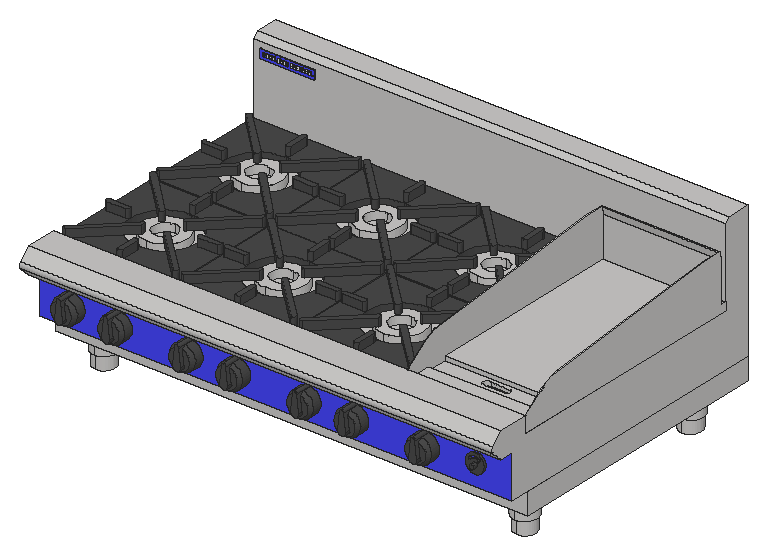
Revit family "QF_MOFFAT_BLUESEAL_CE_G518C-B", category Specialty Equipment, Revit 2012 (continued)
Definition of nested family "GAS BURNER 900 & GRIDDLE 300"
  Definition of nested family "GAS BURNER 900"
    Forms (mm)
      Extrusion 5, solid, material "QF_Finishes_Black"
        sketch origin (600, 0, 19.5) x (0, -1, 0) y (1, 0, 0)
          loop
            spline (335.153, -6.102) -> (333.924, -5.181) -> (332.47, -4.631) -> (330.89, -4.49) -> (329.292, -4.767) -> (327.786, -5.443) -> (326.473, -6.473) -> (325.443, -7.786) -> (324.767, -9.292) -> (324.49, -10.89) -> (324.631, -12.47) -> (325.181, -13.924) -> (326.102, -15.153)
          loop
            line (328.898, -156.4) -> (378.102, -156.4)
            spline (378.102, -156.4) -> (379.396, -156.182) -> (380.602, -155.543) -> (381.638, -154.525) -> (382.432, -153.2) -> (382.932, -151.656) -> (383.102, -150) -> (382.932, -148.344) -> (382.432, -146.8) -> (381.638, -145.475) -> (380.602, -144.457) -> (379.396, -143.818) -> (378.102, -143.6)
            line (378.102, -143.6) -> (328.898, -143.6)
            spline (328.898, -143.6) -> (327.604, -143.818) -> (326.398, -144.457) -> (325.362, -145.475) -> (324.568, -146.8) -> (324.068, -148.344) -> (323.898, -150) -> (324.068, -151.656) -> (324.568, -153.2) -> (325.362, -154.525) -> (326.398, -155.543) -> (327.604, -156.182) -> (328.898, -156.4)
          loop
            line (335.153, -293.898) -> (443.076, -185.975)
            spline (443.076, -185.975) -> (443.837, -184.905) -> (444.238, -183.601) -> (444.251, -182.149) -> (443.875, -180.65) -> (443.137, -179.205) -> (442.086, -177.914) -> (440.795, -176.863) -> (439.35, -176.125) -> (437.851, -175.749) -> (436.399, -175.762) -> (435.095, -176.163) -> (434.025, -176.924)
            line (434.025, -176.924) -> (326.102, -284.847)
            spline (326.102, -284.847) -> (325.341, -285.916) -> (324.941, -287.221) -> (324.928, -288.672) -> (325.303, -290.171) -> (326.041, -291.616) -> (327.092, -292.908) -> (328.384, -293.959) -> (329.829, -294.697) -> (331.328, -295.072) -> (332.779, -295.059) -> (334.084, -294.659) -> (335.153, -293.898)
          loop
            spline (463.6, -291.102) -> (463.818, -292.396) -> (464.457, -293.602) -> (465.475, -294.638) -> (466.8, -295.432) -> (468.344, -295.932) -> (470, -296.102) -> (471.656, -295.932) -> (473.2, -295.432) -> (474.525, -294.638) -> (475.543, -293.602) -> (476.182, -292.396) -> (476.4, -291.102)
            line (476.4, -291.102) -> (476.4, -241.898)
            spline (476.4, -241.898) -> (476.182, -240.604) -> (475.543, -239.398) -> (474.525, -238.362) -> (473.2, -237.568) -> (471.656, -237.068) -> (470, -236.898) -> (468.344, -237.068) -> (466.8, -237.568) -> (465.475, -238.362) -> (464.457, -239.398) -> (463.818, -240.604) -> (463.6, -241.898)
            line (463.6, -241.898) -> (463.6, -291.102)
          loop
            line (612.398, -284.847) -> (505.975, -176.924)
            spline (505.975, -176.924) -> (504.905, -176.163) -> (503.601, -175.762) -> (502.149, -175.749) -> (500.65, -176.125) -> (499.205, -176.863) -> (497.914, -177.914) -> (496.863, -179.205) -> (496.125, -180.65) -> (495.749, -182.149) -> (495.762, -183.601) -> (496.163, -184.905) -> (496.924, -185.975)
            line (496.924, -185.975) -> (603.347, -293.898)
            spline (603.347, -293.898) -> (604.416, -294.659) -> (605.721, -295.059) -> (607.172, -295.072) -> (608.671, -294.697) -> (610.116, -293.959) -> (611.408, -292.908) -> (612.459, -291.616) -> (613.197, -290.171) -> (613.572, -288.672) -> (613.559, -287.221) -> (613.159, -285.916) -> (612.398, -284.847)
          loop
            line (609.602, -143.6) -> (561.898, -143.6)
            spline (561.898, -143.6) -> (560.604, -143.818) -> (559.398, -144.457) -> (558.362, -145.475) -> (557.568, -146.8) -> (557.068, -148.344) -> (556.898, -150) -> (557.068, -151.656) -> (557.568, -153.2) -> (558.362, -154.525) -> (559.398, -155.543) -> (560.604, -156.182) -> (561.898, -156.4)
            line (561.898, -156.4) -> (609.602, -156.4)
            spline (609.602, -156.4) -> (610.896, -156.182) -> (612.102, -155.543) -> (613.138, -154.525) -> (613.932, -153.2) -> (614.432, -151.656) -> (614.602, -150) -> (614.432, -148.344) -> (613.932, -146.8) -> (613.138, -145.475) -> (612.102, -144.457) -> (610.896, -143.818) -> (609.602, -143.6)
          loop
            spline (612.398, -15.153) -> (613.159, -14.084) -> (613.559, -12.779) -> (613.572, -11.328) -> (613.197, -9.829) -> (612.459, -8.384) -> (611.408, -7.092) -> (610.116, -6.041) -> (608.671, -5.303) -> (607.172, -4.928) -> (605.721, -4.941) -> (604.416, -5.341) -> (603.347, -6.102)
            line (603.347, -6.102) -> (496.924, -114.025)
            spline (496.924, -114.025) -> (496.163, -115.095) -> (495.762, -116.399) -> (495.749, -117.851) -> (496.125, -119.35) -> (496.863, -120.795) -> (497.914, -122.086) -> (499.205, -123.137) -> (500.65, -123.875) -> (502.149, -124.251) -> (503.601, -124.238) -> (504.905, -123.837) -> (505.975, -123.076)
            line (505.975, -123.076) -> (612.398, -15.153)
          loop
            spline (476.4, -8.898) -> (476.182, -7.604) -> (475.543, -6.398) -> (474.525, -5.362) -> (473.2, -4.568) -> (471.656, -4.068) -> (470, -3.898) -> (468.344, -4.068) -> (466.8, -4.568) -> (465.475, -5.362) -> (464.457, -6.398) -> (463.818, -7.604) -> (463.6, -8.898)
            line (463.6, -8.898) -> (463.6, -58.102)
            spline (463.6, -58.102) -> (463.818, -59.396) -> (464.457, -60.602) -> (465.475, -61.638) -> (466.8, -62.432) -> (468.344, -62.932) -> (470, -63.102) -> (471.656, -62.932) -> (473.2, -62.432) -> (474.525, -61.638) -> (475.543, -60.602) -> (476.182, -59.396) -> (476.4, -58.102)
            line (476.4, -58.102) -> (476.4, -8.898)
          loop
            line (22.602, -15.153) -> (130.525, -123.076)
            spline (130.525, -123.076) -> (131.595, -123.837) -> (132.899, -124.238) -> (134.351, -124.251) -> (135.85, -123.875) -> (137.295, -123.137) -> (138.586, -122.086) -> (139.637, -120.795) -> (140.375, -119.35) -> (140.751, -117.851) -> (140.738, -116.399) -> (140.337, -115.095) -> (139.576, -114.025)
            line (139.576, -114.025) -> (31.653, -6.102)
            spline (31.653, -6.102) -> (30.424, -5.181) -> (28.97, -4.631) -> (27.39, -4.49) -> (25.792, -4.767) -> (24.286, -5.443) -> (22.973, -6.473) -> (21.943, -7.786) -> (21.267, -9.292) -> (20.99, -10.89) -> (21.131, -12.47) -> (21.681, -13.924) -> (22.602, -15.153)
          loop
            line (25.398, -156.4) -> (74.602, -156.4)
            spline (74.602, -156.4) -> (75.896, -156.182) -> (77.102, -155.543) -> (78.138, -154.525) -> (78.932, -153.2) -> (79.432, -151.656) -> (79.602, -150) -> (79.432, -148.344) -> (78.932, -146.8) -> (78.138, -145.475) -> (77.102, -144.457) -> (75.896, -143.818) -> (74.602, -143.6)
            line (74.602, -143.6) -> (25.398, -143.6)
            spline (25.398, -143.6) -> (24.104, -143.818) -> (22.898, -144.457) -> (21.862, -145.475) -> (21.068, -146.8) -> (20.568, -148.344) -> (20.398, -150) -> (20.568, -151.656) -> (21.068, -153.2) -> (21.862, -154.525) -> (22.898, -155.543) -> (24.104, -156.182) -> (25.398, -156.4)
          loop
            line (31.653, -293.898) -> (139.576, -185.975)
            spline (139.576, -185.975) -> (140.337, -184.905) -> (140.738, -183.601) -> (140.751, -182.149) -> (140.375, -180.65) -> (139.637, -179.205) -> (138.586, -177.914) -> (137.295, -176.863) -> (135.85, -176.125) -> (134.351, -175.749) -> (132.899, -175.762) -> (131.595, -176.163) -> (130.525, -176.924)
            line (130.525, -176.924) -> (22.602, -284.847)
            spline (22.602, -284.847) -> (21.841, -285.916) -> (21.441, -287.221) -> (21.428, -288.672) -> (21.803, -290.171) -> (22.541, -291.616) -> (23.592, -292.908) -> (24.884, -293.959) -> (26.329, -294.697) -> (27.828, -295.072) -> (29.279, -295.059) -> (30.584, -294.659) -> (31.653, -293.898)
          loop
            spline (160.1, -291.102) -> (160.318, -292.396) -> (160.957, -293.602) -> (161.975, -294.638) -> (163.3, -295.432) -> (164.844, -295.932) -> (166.5, -296.102) -> (168.156, -295.932) -> (169.7, -295.432) -> (171.025, -294.638) -> (172.043, -293.602) -> (172.682, -292.396) -> (172.9, -291.102)
            line (172.9, -291.102) -> (172.9, -241.898)
            spline (172.9, -241.898) -> (172.682, -240.604) -> (172.043, -239.398) -> (171.025, -238.362) -> (169.7, -237.568) -> (168.156, -237.068) -> (166.5, -236.898) -> (164.844, -237.068) -> (163.3, -237.568) -> (161.975, -238.362) -> (160.957, -239.398) -> (160.318, -240.604) -> (160.1, -241.898)
            line (160.1, -241.898) -> (160.1, -291.102)
          loop
            line (313.898, -284.847) -> (202.475, -176.924)
            spline (202.475, -176.924) -> (201.405, -176.163) -> (200.101, -175.762) -> (198.649, -175.749) -> (197.15, -176.125) -> (195.705, -176.863) -> (194.414, -177.914) -> (193.363, -179.205) -> (192.625, -180.65) -> (192.249, -182.149) -> (192.262, -183.601) -> (192.663, -184.905) -> (193.424, -185.975)
            line (193.424, -185.975) -> (304.847, -293.898)
            spline (304.847, -293.898) -> (305.916, -294.659) -> (307.221, -295.059) -> (308.672, -295.072) -> (310.171, -294.697) -> (311.616, -293.959) -> (312.908, -292.908) -> (313.959, -291.616) -> (314.697, -290.171) -> (315.072, -288.672) -> (315.059, -287.221) -> (314.659, -285.916) -> (313.898, -284.847)
          loop
            line (311.102, -143.6) -> (261.898, -143.6)
            spline (261.898, -143.6) -> (260.604, -143.818) -> (259.398, -144.457) -> (258.362, -145.475) -> (257.568, -146.8) -> (257.068, -148.344) -> (256.898, -150) -> (257.068, -151.656) -> (257.568, -153.2) -> (258.362, -154.525) -> (259.398, -155.543) -> (260.604, -156.182) -> (261.898, -156.4)
            line (261.898, -156.4) -> (311.102, -156.4)
            spline (311.102, -156.4) -> (312.396, -156.182) -> (313.602, -155.543) -> (314.638, -154.525) -> (315.432, -153.2) -> (315.932, -151.656) -> (316.102, -150) -> (315.932, -148.344) -> (315.432, -146.8) -> (314.638, -145.475) -> (313.602, -144.457) -> (312.396, -143.818) -> (311.102, -143.6)
          loop
            spline (313.898, -15.153) -> (314.659, -14.084) -> (315.059, -12.779) -> (315.072, -11.328) -> (314.697, -9.829) -> (313.959, -8.384) -> (312.908, -7.092) -> (311.616, -6.041) -> (310.171, -5.303) -> (308.672, -4.928) -> (307.221, -4.941) -> (305.916, -5.341) -> (304.847, -6.102)
            line (304.847, -6.102) -> (193.424, -114.025)
            spline (193.424, -114.025) -> (192.663, -115.095) -> (192.262, -116.399) -> (192.249, -117.851) -> (192.625, -119.35) -> (193.363, -120.795) -> (194.414, -122.086) -> (195.705, -123.137) -> (197.15, -123.875) -> (198.649, -124.251) -> (200.101, -124.238) -> (201.405, -123.837) -> (202.475, -123.076)
            line (202.475, -123.076) -> (313.898, -15.153)
          loop
            spline (172.9, -8.898) -> (172.682, -7.604) -> (172.043, -6.398) -> (171.025, -5.362) -> (169.7, -4.568) -> (168.156, -4.068) -> (166.5, -3.898) -> (164.844, -4.068) -> (163.3, -4.568) -> (161.975, -5.362) -> (160.957, -6.398) -> (160.318, -7.604) -> (160.1, -8.898)
            line (160.1, -8.898) -> (160.1, -58.102)
            spline (160.1, -58.102) -> (160.318, -59.396) -> (160.957, -60.602) -> (161.975, -61.638) -> (163.3, -62.432) -> (164.844, -62.932) -> (166.5, -63.102) -> (168.156, -62.932) -> (169.7, -62.432) -> (171.025, -61.638) -> (172.043, -60.602) -> (172.682, -59.396) -> (172.9, -58.102)
            line (172.9, -58.102) -> (172.9, -8.898)
        from 0 to 20.5
      Extrusion 6, solid, material "QF_Finishes_Stainless Steel"
        sketch origin (600, -15.098, 0) x (0, -1, 0) y (1, 0, 0)
          loop
            circle (151.402, -150) r 57
          loop
            circle (451.402, -150) r 57
          loop
            circle (151.402, -150) r 30
          loop
            circle (451.402, -150) r 30
        from 0 to 20
      Extrusion 7, solid, material "QF_Finishes_Black"
        sketch origin (901, 0, 19.5) x (0, -1, 0) y (1, 0, 0)
          loop
            line (326.102, -15.153) -> (434.025, -123.076)
            spline (434.025, -123.076) -> (435.095, -123.837) -> (436.399, -124.238) -> (437.851, -124.251) -> (439.35, -123.875) -> (440.795, -123.137) -> (442.086, -122.086) -> (443.137, -120.795) -> (443.875, -119.35) -> (444.251, -117.851) -> (444.238, -116.399) -> (443.837, -115.095) -> (443.076, -114.025)
            line (443.076, -114.025) -> (335.153, -6.102)
            spline (335.153, -6.102) -> (333.924, -5.181) -> (332.47, -4.631) -> (330.89, -4.49) -> (329.292, -4.767) -> (327.786, -5.443) -> (326.473, -6.473) -> (325.443, -7.786) -> (324.767, -9.292) -> (324.49, -10.89) -> (324.631, -12.47) -> (325.181, -13.924) -> (326.102, -15.153)
          loop
            line (328.898, -156.4) -> (378.102, -156.4)
            spline (378.102, -156.4) -> (379.396, -156.182) -> (380.602, -155.543) -> (381.638, -154.525) -> (382.432, -153.2) -> (382.932, -151.656) -> (383.102, -150) -> (382.932, -148.344) -> (382.432, -146.8) -> (381.638, -145.475) -> (380.602, -144.457) -> (379.396, -143.818) -> (378.102, -143.6)
            line (378.102, -143.6) -> (328.898, -143.6)
            spline (328.898, -143.6) -> (327.604, -143.818) -> (326.398, -144.457) -> (325.362, -145.475) -> (324.568, -146.8) -> (324.068, -148.344) -> (323.898, -150) -> (324.068, -151.656) -> (324.568, -153.2) -> (325.362, -154.525) -> (326.398, -155.543) -> (327.604, -156.182) -> (328.898, -156.4)
          loop
            line (335.153, -293.898) -> (443.076, -185.975)
            spline (443.076, -185.975) -> (443.837, -184.905) -> (444.238, -183.601) -> (444.251, -182.149) -> (443.875, -180.65) -> (443.137, -179.205) -> (442.086, -177.914) -> (440.795, -176.863) -> (439.35, -176.125) -> (437.851, -175.749) -> (436.399, -175.762) -> (435.095, -176.163) -> (434.025, -176.924)
            line (434.025, -176.924) -> (326.102, -284.847)
            spline (326.102, -284.847) -> (325.341, -285.916) -> (324.941, -287.221) -> (324.928, -288.672) -> (325.303, -290.171) -> (326.041, -291.616) -> (327.092, -292.908) -> (328.384, -293.959) -> (329.829, -294.697) -> (331.328, -295.072) -> (332.779, -295.059) -> (334.084, -294.659) -> (335.153, -293.898)
          loop
            spline (463.6, -291.102) -> (463.818, -292.396) -> (464.457, -293.602) -> (465.475, -294.638) -> (466.8, -295.432) -> (468.344, -295.932) -> (470, -296.102) -> (471.656, -295.932) -> (473.2, -295.432) -> (474.525, -294.638) -> (475.543, -293.602) -> (476.182, -292.396) -> (476.4, -291.102)
            line (476.4, -291.102) -> (476.4, -241.898)
            spline (476.4, -241.898) -> (476.182, -240.604) -> (475.543, -239.398) -> (474.525, -238.362) -> (473.2, -237.568) -> (471.656, -237.068) -> (470, -236.898) -> (468.344, -237.068) -> (466.8, -237.568) -> (465.475, -238.362) -> (464.457, -239.398) -> (463.818, -240.604) -> (463.6, -241.898)
            line (463.6, -241.898) -> (463.6, -291.102)
          loop
            line (612.398, -284.847) -> (505.975, -176.924)
            spline (505.975, -176.924) -> (504.905, -176.163) -> (503.601, -175.762) -> (502.149, -175.749) -> (500.65, -176.125) -> (499.205, -176.863) -> (497.914, -177.914) -> (496.863, -179.205) -> (496.125, -180.65) -> (495.749, -182.149) -> (495.762, -183.601) -> (496.163, -184.905) -> (496.924, -185.975)
            line (496.924, -185.975) -> (603.347, -293.898)
            spline (603.347, -293.898) -> (604.416, -294.659) -> (605.721, -295.059) -> (607.172, -295.072) -> (608.671, -294.697) -> (610.116, -293.959) -> (611.408, -292.908) -> (612.459, -291.616) -> (613.197, -290.171) -> (613.572, -288.672) -> (613.559, -287.221) -> (613.159, -285.916) -> (612.398, -284.847)
          loop
            line (609.602, -143.6) -> (561.898, -143.6)
            spline (561.898, -143.6) -> (560.604, -143.818) -> (559.398, -144.457) -> (558.362, -145.475) -> (557.568, -146.8) -> (557.068, -148.344) -> (556.898, -150) -> (557.068, -151.656) -> (557.568, -153.2) -> (558.362, -154.525) -> (559.398, -155.543) -> (560.604, -156.182) -> (561.898, -156.4)
            line (561.898, -156.4) -> (609.602, -156.4)
            spline (609.602, -156.4) -> (610.896, -156.182) -> (612.102, -155.543) -> (613.138, -154.525) -> (613.932, -153.2) -> (614.432, -151.656) -> (614.602, -150) -> (614.432, -148.344) -> (613.932, -146.8) -> (613.138, -145.475) -> (612.102, -144.457) -> (610.896, -143.818) -> (609.602, -143.6)
          loop
            spline (612.398, -15.153) -> (613.159, -14.084) -> (613.559, -12.779) -> (613.572, -11.328) -> (613.197, -9.829) -> (612.459, -8.384) -> (611.408, -7.092) -> (610.116, -6.041) -> (608.671, -5.303) -> (607.172, -4.928) -> (605.721, -4.941) -> (604.416, -5.341) -> (603.347, -6.102)
            line (603.347, -6.102) -> (496.924, -114.025)
            spline (496.924, -114.025) -> (496.163, -115.095) -> (495.762, -116.399) -> (495.749, -117.851) -> (496.125, -119.35) -> (496.863, -120.795) -> (497.914, -122.086) -> (499.205, -123.137) -> (500.65, -123.875) -> (502.149, -124.251) -> (503.601, -124.238) -> (504.905, -123.837) -> (505.975, -123.076)
            line (505.975, -123.076) -> (612.398, -15.153)
          loop
            spline (476.4, -8.898) -> (476.182, -7.604) -> (475.543, -6.398) -> (474.525, -5.362) -> (473.2, -4.568) -> (471.656, -4.068) -> (470, -3.898) -> (468.344, -4.068) -> (466.8, -4.568) -> (465.475, -5.362) -> (464.457, -6.398) -> (463.818, -7.604) -> (463.6, -8.898)
            line (463.6, -8.898) -> (463.6, -58.102)
            spline (463.6, -58.102) -> (463.818, -59.396) -> (464.457, -60.602) -> (465.475, -61.638) -> (466.8, -62.432) -> (468.344, -62.932) -> (470, -63.102) -> (471.656, -62.932) -> (473.2, -62.432) -> (474.525, -61.638) -> (475.543, -60.602) -> (476.182, -59.396) -> (476.4, -58.102)
            line (476.4, -58.102) -> (476.4, -8.898)
          loop
            line (22.602, -15.153) -> (130.525, -123.076)
            spline (130.525, -123.076) -> (131.595, -123.837) -> (132.899, -124.238) -> (134.351, -124.251) -> (135.85, -123.875) -> (137.295, -123.137) -> (138.586, -122.086) -> (139.637, -120.795) -> (140.375, -119.35) -> (140.751, -117.851) -> (140.738, -116.399) -> (140.337, -115.095) -> (139.576, -114.025)
            line (139.576, -114.025) -> (31.653, -6.102)
            spline (31.653, -6.102) -> (30.424, -5.181) -> (28.97, -4.631) -> (27.39, -4.49) -> (25.792, -4.767) -> (24.286, -5.443) -> (22.973, -6.473) -> (21.943, -7.786) -> (21.267, -9.292) -> (20.99, -10.89) -> (21.131, -12.47) -> (21.681, -13.924) -> (22.602, -15.153)
          loop
            line (25.398, -156.4) -> (74.602, -156.4)
            spline (74.602, -156.4) -> (75.896, -156.182) -> (77.102, -155.543) -> (78.138, -154.525) -> (78.932, -153.2) -> (79.432, -151.656) -> (79.602, -150) -> (79.432, -148.344) -> (78.932, -146.8) -> (78.138, -145.475) -> (77.102, -144.457) -> (75.896, -143.818) -> (74.602, -143.6)
            line (74.602, -143.6) -> (25.398, -143.6)
            spline (25.398, -143.6) -> (24.104, -143.818) -> (22.898, -144.457) -> (21.862, -145.475) -> (21.068, -146.8) -> (20.568, -148.344) -> (20.398, -150) -> (20.568, -151.656) -> (21.068, -153.2) -> (21.862, -154.525) -> (22.898, -155.543) -> (24.104, -156.182) -> (25.398, -156.4)
          loop
            line (31.653, -293.898) -> (139.576, -185.975)
            spline (139.576, -185.975) -> (140.337, -184.905) -> (140.738, -183.601) -> (140.751, -182.149) -> (140.375, -180.65) -> (139.637, -179.205) -> (138.586, -177.914) -> (137.295, -176.863) -> (135.85, -176.125) -> (134.351, -175.749) -> (132.899, -175.762) -> (131.595, -176.163) -> (130.525, -176.924)
            line (130.525, -176.924) -> (22.602, -284.847)
            spline (22.602, -284.847) -> (21.841, -285.916) -> (21.441, -287.221) -> (21.428, -288.672) -> (21.803, -290.171) -> (22.541, -291.616) -> (23.592, -292.908) -> (24.884, -293.959) -> (26.329, -294.697) -> (27.828, -295.072) -> (29.279, -295.059) -> (30.584, -294.659) -> (31.653, -293.898)
          loop
            spline (160.1, -291.102) -> (160.318, -292.396) -> (160.957, -293.602) -> (161.975, -294.638) -> (163.3, -295.432) -> (164.844, -295.932) -> (166.5, -296.102) -> (168.156, -295.932) -> (169.7, -295.432) -> (171.025, -294.638) -> (172.043, -293.602) -> (172.682, -292.396) -> (172.9, -291.102)
            line (172.9, -291.102) -> (172.9, -241.898)
            spline (172.9, -241.898) -> (172.682, -240.604) -> (172.043, -239.398) -> (171.025, -238.362) -> (169.7, -237.568) -> (168.156, -237.068) -> (166.5, -236.898) -> (164.844, -237.068) -> (163.3, -237.568) -> (161.975, -238.362) -> (160.957, -239.398) -> (160.318, -240.604) -> (160.1, -241.898)
            line (160.1, -241.898) -> (160.1, -291.102)
          loop
            line (313.898, -284.847) -> (202.475, -176.924)
            spline (202.475, -176.924) -> (201.405, -176.163) -> (200.101, -175.762) -> (198.649, -175.749) -> (197.15, -176.125) -> (195.705, -176.863) -> (194.414, -177.914) -> (193.363, -179.205) -> (192.625, -180.65) -> (192.249, -182.149) -> (192.262, -183.601) -> (192.663, -184.905) -> (193.424, -185.975)
            line (193.424, -185.975) -> (304.847, -293.898)
            spline (304.847, -293.898) -> (305.916, -294.659) -> (307.221, -295.059) -> (308.672, -295.072) -> (310.171, -294.697) -> (311.616, -293.959) -> (312.908, -292.908) -> (313.959, -291.616) -> (314.697, -290.171) -> (315.072, -288.672) -> (315.059, -287.221) -> (314.659, -285.916) -> (313.898, -284.847)
          loop
            line (311.102, -143.6) -> (261.898, -143.6)
            spline (261.898, -143.6) -> (260.604, -143.818) -> (259.398, -144.457) -> (258.362, -145.475) -> (257.568, -146.8) -> (257.068, -148.344) -> (256.898, -150) -> (257.068, -151.656) -> (257.568, -153.2) -> (258.362, -154.525) -> (259.398, -155.543) -> (260.604, -156.182) -> (261.898, -156.4)
            line (261.898, -156.4) -> (311.102, -156.4)
            spline (311.102, -156.4) -> (312.396, -156.182) -> (313.602, -155.543) -> (314.638, -154.525) -> (315.432, -153.2) -> (315.932, -151.656) -> (316.102, -150) -> (315.932, -148.344) -> (315.432, -146.8) -> (314.638, -145.475) -> (313.602, -144.457) -> (312.396, -143.818) -> (311.102, -143.6)
          loop
            spline (313.898, -15.153) -> (314.659, -14.084) -> (315.059, -12.779) -> (315.072, -11.328) -> (314.697, -9.829) -> (313.959, -8.384) -> (312.908, -7.092) -> (311.616, -6.041) -> (310.171, -5.303) -> (308.672, -4.928) -> (307.221, -4.941) -> (305.916, -5.341) -> (304.847, -6.102)
            line (304.847, -6.102) -> (193.424, -114.025)
            spline (193.424, -114.025) -> (192.663, -115.095) -> (192.262, -116.399) -> (192.249, -117.851) -> (192.625, -119.35) -> (193.363, -120.795) -> (194.414, -122.086) -> (195.705, -123.137) -> (197.15, -123.875) -> (198.649, -124.251) -> (200.101, -124.238) -> (201.405, -123.837) -> (202.475, -123.076)
            line (202.475, -123.076) -> (313.898, -15.153)
          loop
            spline (172.9, -8.898) -> (172.682, -7.604) -> (172.043, -6.398) -> (171.025, -5.362) -> (169.7, -4.568) -> (168.156, -4.068) -> (166.5, -3.898) -> (164.844, -4.068) -> (163.3, -4.568) -> (161.975, -5.362) -> (160.957, -6.398) -> (160.318, -7.604) -> (160.1, -8.898)
            line (160.1, -8.898) -> (160.1, -58.102)
            spline (160.1, -58.102) -> (160.318, -59.396) -> (160.957, -60.602) -> (161.975, -61.638) -> (163.3, -62.432) -> (164.844, -62.932) -> (166.5, -63.102) -> (168.156, -62.932) -> (169.7, -62.432) -> (171.025, -61.638) -> (172.043, -60.602) -> (172.682, -59.396) -> (172.9, -58.102)
            line (172.9, -58.102) -> (172.9, -8.898)
        from 0 to 20.5
      Extrusion 8, solid, material "QF_Finishes_Stainless Steel"
        sketch origin (901, -15.098, 0) x (0, -1, 0) y (1, 0, 0)
          loop
            circle (151.402, -150) r 57
          loop
            circle (451.402, -150) r 57
          loop
            circle (151.402, -150) r 30
          loop
            circle (451.402, -150) r 30
        from 0 to 20
      Extrusion 9, solid, material "QF_Finishes_Black"
        sketch origin (901, 0, 0) x (0, -1, 0) y (1, 0, 0)
          loop
            arc (318.5, -4) -> (317.621, -1.879) -> (315.5, -1) r 3
            line (315.5, -1) -> (3, -1)
            arc (3, -1) -> (0.879, -1.879) -> (0, -4) r 3
            line (0, -4) -> (0, -296)
            arc (0, -296) -> (0.879, -298.121) -> (3, -299) r 3
            line (3, -299) -> (315.5, -299)
            arc (315.5, -299) -> (317.621, -298.121) -> (318.5, -296) r 3
            line (318.5, -296) -> (318.5, -4)
          loop
            arc (324.5, -1) -> (322.379, -1.879) -> (321.5, -4) r 3
            line (321.5, -4) -> (321.5, -296)
            arc (321.5, -296) -> (322.379, -298.121) -> (324.5, -299) r 3
            line (324.5, -299) -> (632, -299)
            arc (632, -299) -> (634.121, -298.121) -> (635, -296) r 3
            line (635, -296) -> (635, -4)
            arc (635, -4) -> (634.121, -1.879) -> (632, -1) r 3
            line (632, -1) -> (324.5, -1)
          loop
            circle (168.5, -149.991) r 84.082
          loop
            circle (468.5, -149.991) r 84.082
        from 0 to 19.5
      Extrusion 10, solid, material "QF_Finishes_Stainless Steel"
        sketch origin (901, -15.098, 0) x (0, -1, 0) y (1, 0, 0)
          loop
            circle (151.402, -150) r 57
          loop
            circle (451.402, -150) r 57
          loop
            circle (151.402, -150) r 30
          loop
            circle (451.402, -150) r 30
        from 0 to 20
    Lines and regions (mm)
      symbolic lines
        curve 1: line (284.847, -22.602, 0) -> (176.924, -130.525, 0)
        curve 2: spline (176.924, -130.525, 0) -> (176.163, -131.595, 0) -> (175.762, -132.899, 0) -> (175.749, -134.351, 0) -> (176.125, -135.85, 0) -> (176.863, -137.295, 0) -> (177.914, -138.586, 0) -> (179.205, -139.637, 0) -> (180.65, -140.375, 0) -> (182.149, -140.751, 0) -> (183.601, -140.738, 0) -> (184.905, -140.337, 0) -> (185.975, -139.576, 0)
        curve 3: line (185.975, -139.576, 0) -> (293.898, -31.653, 0)
        curve 4: spline (293.898, -31.653, 0) -> (294.659, -30.584, 0) -> (295.059, -29.279, 0) -> (295.072, -27.828, 0) -> (294.697, -26.329, 0) -> (293.959, -24.884, 0) -> (292.908, -23.592, 0) -> (291.616, -22.541, 0) -> (290.171, -21.803, 0) -> (288.672, -21.428, 0) -> (287.221, -21.441, 0) -> (285.916, -21.841, 0) -> (284.847, -22.602, 0)
        curve 5: line (291.102, -160.1, 0) -> (241.898, -160.1, 0)
        curve 6: spline (241.898, -160.1, 0) -> (240.604, -160.318, 0) -> (239.398, -160.957, 0) -> (238.362, -161.975, 0) -> (237.568, -163.3, 0) -> (237.068, -164.844, 0) -> (236.898, -166.5, 0) -> (237.068, -168.156, 0) -> (237.568, -169.7, 0) -> (238.362, -171.025, 0) -> (239.398, -172.043, 0) -> (240.604, -172.682, 0) -> (241.898, -172.9, 0)
        curve 7: line (241.898, -172.9, 0) -> (291.102, -172.9, 0)
        curve 8: spline (291.102, -172.9, 0) -> (292.396, -172.682, 0) -> (293.602, -172.043, 0) -> (294.638, -171.025, 0) -> (295.432, -169.7, 0) -> (295.932, -168.156, 0) -> (296.102, -166.5, 0) -> (295.932, -164.844, 0) -> (295.432, -163.3, 0) -> (294.638, -161.975, 0) -> (293.602, -160.957, 0) -> (292.396, -160.318, 0) -> (291.102, -160.1, 0)
        curve 9: line (306.102, -31.653, 0) -> (414.025, -139.576, 0)
        curve 10: spline (414.025, -139.576, 0) -> (415.095, -140.337, 0) -> (416.399, -140.738, 0) -> (417.851, -140.751, 0) -> (419.35, -140.375, 0) -> (420.795, -139.637, 0) -> (422.086, -138.586, 0) -> (423.137, -137.295, 0) -> (423.875, -135.85, 0) -> (424.251, -134.351, 0) -> (424.238, -132.899, 0) -> (423.837, -131.595, 0) -> (423.076, -130.525, 0)
        curve 11: line (423.076, -130.525, 0) -> (315.153, -22.602, 0)
        curve 12: spline (315.153, -22.602, 0) -> (314.084, -21.841, 0) -> (312.779, -21.441, 0) -> (311.328, -21.428, 0) -> (309.829, -21.803, 0) -> (308.384, -22.541, 0) -> (307.092, -23.592, 0) -> (306.041, -24.884, 0) -> (305.303, -26.329, 0) -> (304.928, -27.828, 0) -> (304.941, -29.279, 0) -> (305.341, -30.584, 0) -> (306.102, -31.653, 0)
        curve 13: line (443.6, -25.398, 0) -> (443.6, -74.602, 0)
        curve 14: spline (443.6, -74.602, 0) -> (443.818, -75.896, 0) -> (444.457, -77.102, 0) -> (445.475, -78.138, 0) -> (446.8, -78.932, 0) -> (448.344, -79.432, 0) -> (450, -79.602, 0) -> (451.656, -79.432, 0) -> (453.2, -78.932, 0) -> (454.525, -78.138, 0) -> (455.543, -77.102, 0) -> (456.182, -75.896, 0) -> (456.4, -74.602, 0)
        curve 15: line (456.4, -74.602, 0) -> (456.4, -25.398, 0)
        curve 16: spline (456.4, -25.398, 0) -> (456.182, -24.104, 0) -> (455.543, -22.898, 0) -> (454.525, -21.862, 0) -> (453.2, -21.068, 0) -> (451.656, -20.568, 0) -> (450, -20.398, 0) -> (448.344, -20.568, 0) -> (446.8, -21.068, 0) -> (445.475, -21.862, 0) -> (444.457, -22.898, 0) -> (443.818, -24.104, 0) -> (443.6, -25.398, 0)
        curve 17: line (584.847, -22.602, 0) -> (476.924, -130.525, 0)
        curve 18: spline (476.924, -130.525, 0) -> (476.163, -131.595, 0) -> (475.762, -132.899, 0) -> (475.749, -134.351, 0) -> (476.125, -135.85, 0) -> (476.863, -137.295, 0) -> (477.914, -138.586, 0) -> (479.205, -139.637, 0) -> (480.65, -140.375, 0) -> (482.149, -140.751, 0) -> (483.601, -140.738, 0) -> (484.905, -140.337, 0) -> (485.975, -139.576, 0)
        curve 19: line (485.975, -139.576, 0) -> (593.898, -31.653, 0)
        curve 20: spline (593.898, -31.653, 0) -> (594.819, -30.424, 0) -> (595.369, -28.97, 0) -> (595.51, -27.39, 0) -> (595.233, -25.792, 0) -> (594.557, -24.286, 0) -> (593.527, -22.973, 0) -> (592.214, -21.943, 0) -> (590.708, -21.267, 0) -> (589.11, -20.99, 0) -> (587.53, -21.131, 0) -> (586.076, -21.681, 0) -> (584.847, -22.602, 0)
        curve 21: line (591.102, -160.1, 0) -> (541.898, -160.1, 0)
        curve 22: spline (541.898, -160.1, 0) -> (540.604, -160.318, 0) -> (539.398, -160.957, 0) -> (538.362, -161.975, 0) -> (537.568, -163.3, 0) -> (537.068, -164.844, 0) -> (536.898, -166.5, 0) -> (537.068, -168.156, 0) -> (537.568, -169.7, 0) -> (538.362, -171.025, 0) -> (539.398, -172.043, 0) -> (540.604, -172.682, 0) -> (541.898, -172.9, 0)
        curve 23: line (541.898, -172.9, 0) -> (591.102, -172.9, 0)
        curve 24: spline (591.102, -172.9, 0) -> (592.396, -172.682, 0) -> (593.602, -172.043, 0) -> (594.638, -171.025, 0) -> (595.432, -169.7, 0) -> (595.932, -168.156, 0) -> (596.102, -166.5, 0) -> (595.932, -164.844, 0) -> (595.432, -163.3, 0) -> (594.638, -161.975, 0) -> (593.602, -160.957, 0) -> (592.396, -160.318, 0) -> (591.102, -160.1, 0)
        curve 25: line (593.898, -304.847, 0) -> (485.975, -193.424, 0)
        curve 26: spline (485.975, -193.424, 0) -> (484.905, -192.663, 0) -> (483.601, -192.262, 0) -> (482.149, -192.249, 0) -> (480.65, -192.625, 0) -> (479.205, -193.363, 0) -> (477.914, -194.414, 0) -> (476.863, -195.705, 0) -> (476.125, -197.15, 0) -> (475.749, -198.649, 0) -> (475.762, -200.101, 0) -> (476.163, -201.405, 0) -> (476.924, -202.475, 0)
        curve 27: line (476.924, -202.475, 0) -> (584.847, -313.898, 0)
        curve 28: spline (584.847, -313.898, 0) -> (585.916, -314.659, 0) -> (587.221, -315.059, 0) -> (588.672, -315.072, 0) -> (590.171, -314.697, 0) -> (591.616, -313.959, 0) -> (592.908, -312.908, 0) -> (593.959, -311.616, 0) -> (594.697, -310.171, 0) -> (595.072, -308.672, 0) -> (595.059, -307.221, 0) -> (594.659, -305.916, 0) -> (593.898, -304.847, 0)
        curve 29: arc (450, -223.5, 0) -> (468.725, -220.336, 0) -> (485.372, -211.197, 0) r 57
        curve 30: arc (450, -109.5, 0) -> (431.183, -112.696, 0) -> (414.475, -121.924, 0) r 57
        curve 31: arc (450.009, -84.418, 0) -> (478.534, -89.404, 0) -> (503.676, -103.773, 0) r 84.082
        curve 32: arc (450.009, -252.582, 0) -> (420.453, -247.216, 0) -> (394.669, -231.803, 0) r 84.082
        curve 33: arc (450, -136.5, 0) -> (480, -166.5, 0) -> (450, -196.5, 0) r 30
        curve 34: arc (450, -196.5, 0) -> (420, -166.5, 0) -> (450, -136.5, 0) r 30
        curve 35: arc (150, -223.5, 0) -> (168.725, -220.336, 0) -> (185.372, -211.197, 0) r 57
        curve 36: arc (150, -109.5, 0) -> (131.183, -112.696, 0) -> (114.475, -121.924, 0) r 57
        curve 37: arc (149.991, -84.418, 0) -> (178.523, -89.406, 0) -> (203.668, -103.781, 0) r 84.082
        curve 38: arc (149.991, -252.582, 0) -> (120.441, -247.219, 0) -> (94.661, -231.812, 0) r 84.082
        curve 39: line (156.4, -74.602, 0) -> (156.4, -25.398, 0)
        curve 40: spline (156.4, -25.398, 0) -> (156.182, -24.104, 0) -> (155.543, -22.898, 0) -> (154.525, -21.862, 0) -> (153.2, -21.068, 0) -> (151.656, -20.568, 0) -> (150, -20.398, 0) -> (148.344, -20.568, 0) -> (146.8, -21.068, 0) -> (145.475, -21.862, 0) -> (144.457, -22.898, 0) -> (143.818, -24.104, 0) -> (143.6, -25.398, 0)
        curve 41: line (143.6, -25.398, 0) -> (143.6, -74.602, 0)
        curve 42: spline (143.6, -74.602, 0) -> (143.818, -75.896, 0) -> (144.457, -77.102, 0) -> (145.475, -78.138, 0) -> (146.8, -78.932, 0) -> (148.344, -79.432, 0) -> (150, -79.602, 0) -> (151.656, -79.432, 0) -> (153.2, -78.932, 0) -> (154.525, -78.138, 0) -> (155.543, -77.102, 0) -> (156.182, -75.896, 0) -> (156.4, -74.602, 0)
        curve 43: line (358.102, -160.1, 0) -> (308.898, -160.1, 0)
        curve 44: spline (308.898, -160.1, 0) -> (307.604, -160.318, 0) -> (306.398, -160.957, 0) -> (305.362, -161.975, 0) -> (304.568, -163.3, 0) -> (304.068, -164.844, 0) -> (303.898, -166.5, 0) -> (304.068, -168.156, 0) -> (304.568, -169.7, 0) -> (305.362, -171.025, 0) -> (306.398, -172.043, 0) -> (307.604, -172.682, 0) -> (308.898, -172.9, 0)
        curve 45: line (308.898, -172.9, 0) -> (358.102, -172.9, 0)
        curve 46: spline (358.102, -172.9, 0) -> (359.396, -172.682, 0) -> (360.602, -172.043, 0) -> (361.638, -171.025, 0) -> (362.432, -169.7, 0) -> (362.932, -168.156, 0) -> (363.102, -166.5, 0) -> (362.932, -164.844, 0) -> (362.432, -163.3, 0) -> (361.638, -161.975, 0) -> (360.602, -160.957, 0) -> (359.396, -160.318, 0) -> (358.102, -160.1, 0)
        curve 47: line (414.025, -193.424, 0) -> (306.102, -304.847, 0)
        curve 48: spline (306.102, -304.847, 0) -> (305.341, -305.916, 0) -> (304.941, -307.221, 0) -> (304.928, -308.672, 0) -> (305.303, -310.171, 0) -> (306.041, -311.616, 0) -> (307.092, -312.908, 0) -> (308.384, -313.959, 0) -> (309.829, -314.697, 0) -> (311.328, -315.072, 0) -> (312.779, -315.059, 0) -> (314.084, -314.659, 0) -> (315.153, -313.898, 0)
        curve 49: line (315.153, -313.898, 0) -> (423.076, -202.475, 0)
        curve 50: spline (423.076, -202.475, 0) -> (423.837, -201.405, 0) -> (424.238, -200.101, 0) -> (424.251, -198.649, 0) -> (423.875, -197.15, 0) -> (423.137, -195.705, 0) -> (422.086, -194.414, 0) -> (420.795, -193.363, 0) -> (419.35, -192.625, 0) -> (417.851, -192.249, 0) -> (416.399, -192.262, 0) -> (415.095, -192.663, 0) -> (414.025, -193.424, 0)
        curve 51: line (456.4, -311.102, 0) -> (456.4, -261.898, 0)
        curve 52: spline (456.4, -261.898, 0) -> (456.182, -260.604, 0) -> (455.543, -259.398, 0) -> (454.525, -258.362, 0) -> (453.2, -257.568, 0) -> (451.656, -257.068, 0) -> (450, -256.898, 0) -> (448.344, -257.068, 0) -> (446.8, -257.568, 0) -> (445.475, -258.362, 0) -> (444.457, -259.398, 0) -> (443.818, -260.604, 0) -> (443.6, -261.898, 0)
        curve 53: line (443.6, -261.898, 0) -> (443.6, -311.102, 0)
        curve 54: spline (443.6, -311.102, 0) -> (443.818, -312.396, 0) -> (444.457, -313.602, 0) -> (445.475, -314.638, 0) -> (446.8, -315.432, 0) -> (448.344, -315.932, 0) -> (450, -316.102, 0) -> (451.656, -315.932, 0) -> (453.2, -315.432, 0) -> (454.525, -314.638, 0) -> (455.543, -313.602, 0) -> (456.182, -312.396, 0) -> (456.4, -311.102, 0)
        curve 55: line (596, 0, 0) -> (304, 0, 0)
        curve 56: arc (304, 0, 0) -> (301.879, -0.879, 0) -> (301, -3, 0) r 3
        curve 57: line (301, -3, 0) -> (301, -315.5, 0)
        curve 58: arc (301, -315.5, 0) -> (301.879, -317.621, 0) -> (304, -318.5, 0) r 3
        curve 59: line (304, -318.5, 0) -> (596, -318.5, 0)
        curve 60: arc (596, -318.5, 0) -> (598.121, -317.621, 0) -> (599, -315.5, 0) r 3
        curve 61: line (599, -315.5, 0) -> (599, -3, 0)
        curve 62: arc (599, -3, 0) -> (598.121, -0.879, 0) -> (596, 0, 0) r 3
        curve 63: line (296, 0, 0) -> (4, 0, 0)
        curve 64: arc (4, 0, 0) -> (1.879, -0.879, 0) -> (1, -3, 0) r 3
        curve 65: line (1, -3, 0) -> (1, -315.5, 0)
        curve 66: arc (1, -315.5, 0) -> (1.879, -317.621, 0) -> (4, -318.5, 0) r 3
        curve 67: line (4, -318.5, 0) -> (296, -318.5, 0)
        curve 68: arc (296, -318.5, 0) -> (298.121, -317.621, 0) -> (299, -315.5, 0) r 3
        curve 69: line (299, -315.5, 0) -> (299, -3, 0)
        curve 70: arc (299, -3, 0) -> (298.121, -0.879, 0) -> (296, 0, 0) r 3
        curve 71: line (296, -321.5, 0) -> (4, -321.5, 0)
        curve 72: arc (4, -321.5, 0) -> (1.879, -322.379, 0) -> (1, -324.5, 0) r 3
        curve 73: line (1, -324.5, 0) -> (1, -632, 0)
        curve 74: arc (1, -632, 0) -> (1.879, -634.121, 0) -> (4, -635, 0) r 3
        curve 75: line (4, -635, 0) -> (296, -635, 0)
        curve 76: arc (296, -635, 0) -> (298.121, -634.121, 0) -> (299, -632, 0) r 3
        curve 77: line (299, -632, 0) -> (299, -324.5, 0)
        curve 78: arc (299, -324.5, 0) -> (298.121, -322.379, 0) -> (296, -321.5, 0) r 3
        curve 79: line (596, -321.5, 0) -> (304, -321.5, 0)
        curve 80: arc (304, -321.5, 0) -> (301.879, -322.379, 0) -> (301, -324.5, 0) r 3
        curve 81: line (301, -324.5, 0) -> (301, -632, 0)
        curve 82: arc (301, -632, 0) -> (301.879, -634.121, 0) -> (304, -635, 0) r 3
        curve 83: line (304, -635, 0) -> (596, -635, 0)
        curve 84: arc (596, -635, 0) -> (598.121, -634.121, 0) -> (599, -632, 0) r 3
        curve 85: line (599, -632, 0) -> (599, -324.5, 0)
        curve 86: arc (599, -324.5, 0) -> (598.121, -322.379, 0) -> (596, -321.5, 0) r 3
        curve 87: line (293.898, -304.847, 0) -> (185.975, -193.424, 0)
        curve 88: spline (185.975, -193.424, 0) -> (184.905, -192.663, 0) -> (183.601, -192.262, 0) -> (182.149, -192.249, 0) -> (180.65, -192.625, 0) -> (179.205, -193.363, 0) -> (177.914, -194.414, 0) -> (176.863, -195.705, 0) -> (176.125, -197.15, 0) -> (175.749, -198.649, 0) -> (175.762, -200.101, 0) -> (176.163, -201.405, 0) -> (176.924, -202.475, 0)
        curve 89: line (176.924, -202.475, 0) -> (284.847, -313.898, 0)
        curve 90: spline (284.847, -313.898, 0) -> (285.916, -314.659, 0) -> (287.221, -315.059, 0) -> (288.672, -315.072, 0) -> (290.171, -314.697, 0) -> (291.616, -313.959, 0) -> (292.908, -312.908, 0) -> (293.959, -311.616, 0) -> (294.697, -310.171, 0) -> (295.072, -308.672, 0) -> (295.059, -307.221, 0) -> (294.659, -305.916, 0) -> (293.898, -304.847, 0)
        curve 91: line (15.153, -313.898, 0) -> (123.076, -202.475, 0)
        curve 92: spline (123.076, -202.475, 0) -> (123.837, -201.405, 0) -> (124.238, -200.101, 0) -> (124.251, -198.649, 0) -> (123.875, -197.15, 0) -> (123.137, -195.705, 0) -> (122.086, -194.414, 0) -> (120.795, -193.363, 0) -> (119.35, -192.625, 0) -> (117.851, -192.249, 0) -> (116.399, -192.262, 0) -> (115.095, -192.663, 0) -> (114.025, -193.424, 0)
        curve 93: line (114.025, -193.424, 0) -> (6.102, -304.847, 0)
        curve 94: spline (6.102, -304.847, 0) -> (5.341, -305.916, 0) -> (4.941, -307.221, 0) -> (4.928, -308.672, 0) -> (5.303, -310.171, 0) -> (6.041, -311.616, 0) -> (7.092, -312.908, 0) -> (8.384, -313.959, 0) -> (9.829, -314.697, 0) -> (11.328, -315.072, 0) -> (12.779, -315.059, 0) -> (14.084, -314.659, 0) -> (15.153, -313.898, 0)
        curve 95: line (8.898, -172.9, 0) -> (58.102, -172.9, 0)
        curve 96: spline (58.102, -172.9, 0) -> (59.396, -172.682, 0) -> (60.602, -172.043, 0) -> (61.638, -171.025, 0) -> (62.432, -169.7, 0) -> (62.932, -168.156, 0) -> (63.102, -166.5, 0) -> (62.932, -164.844, 0) -> (62.432, -163.3, 0) -> (61.638, -161.975, 0) -> (60.602, -160.957, 0) -> (59.396, -160.318, 0) -> (58.102, -160.1, 0)
        curve 97: line (58.102, -160.1, 0) -> (8.898, -160.1, 0)
        curve 98: spline (8.898, -160.1, 0) -> (7.604, -160.318, 0) -> (6.398, -160.957, 0) -> (5.362, -161.975, 0) -> (4.568, -163.3, 0) -> (4.068, -164.844, 0) -> (3.898, -166.5, 0) -> (4.068, -168.156, 0) -> (4.568, -169.7, 0) -> (5.362, -171.025, 0) -> (6.398, -172.043, 0) -> (7.604, -172.682, 0) -> (8.898, -172.9, 0)
        curve 99: line (6.102, -31.653, 0) -> (114.025, -139.576, 0)
        curve 100: spline (114.025, -139.576, 0) -> (115.095, -140.337, 0) -> (116.399, -140.738, 0) -> (117.851, -140.751, 0) -> (119.35, -140.375, 0) -> (120.795, -139.637, 0) -> (122.086, -138.586, 0) -> (123.137, -137.295, 0) -> (123.875, -135.85, 0) -> (124.251, -134.351, 0) -> (124.238, -132.899, 0) -> (123.837, -131.595, 0) -> (123.076, -130.525, 0)
        curve 101: line (123.076, -130.525, 0) -> (15.153, -22.602, 0)
        curve 102: spline (15.153, -22.602, 0) -> (13.924, -21.681, 0) -> (12.47, -21.131, 0) -> (10.89, -20.99, 0) -> (9.292, -21.267, 0) -> (7.786, -21.943, 0) -> (6.473, -22.973, 0) -> (5.443, -24.286, 0) -> (4.767, -25.792, 0) -> (4.49, -27.39, 0) -> (4.631, -28.97, 0) -> (5.181, -30.424, 0) -> (6.102, -31.653, 0)
        curve 103: arc (150, -136.5, 0) -> (180, -166.5, 0) -> (150, -196.5, 0) r 30
        curve 104: arc (150, -196.5, 0) -> (120, -166.5, 0) -> (150, -136.5, 0) r 30
        curve 105: line (156.4, -311.102, 0) -> (156.4, -261.898, 0)
        curve 106: spline (156.4, -261.898, 0) -> (156.182, -260.604, 0) -> (155.543, -259.398, 0) -> (154.525, -258.362, 0) -> (153.2, -257.568, 0) -> (151.656, -257.068, 0) -> (150, -256.898, 0) -> (148.344, -257.068, 0) -> (146.8, -257.568, 0) -> (145.475, -258.362, 0) -> (144.457, -259.398, 0) -> (143.818, -260.604, 0) -> (143.6, -261.898, 0)
        curve 107: line (143.6, -261.898, 0) -> (143.6, -311.102, 0)
        curve 108: spline (143.6, -311.102, 0) -> (143.818, -312.396, 0) -> (144.457, -313.602, 0) -> (145.475, -314.638, 0) -> (146.8, -315.432, 0) -> (148.344, -315.932, 0) -> (150, -316.102, 0) -> (151.656, -315.932, 0) -> (153.2, -315.432, 0) -> (154.525, -314.638, 0) -> (155.543, -313.602, 0) -> (156.182, -312.396, 0) -> (156.4, -311.102, 0)
        curve 109: line (156.4, -378.102, 0) -> (156.4, -328.898, 0)
        curve 110: spline (156.4, -328.898, 0) -> (156.182, -327.604, 0) -> (155.543, -326.398, 0) -> (154.525, -325.362, 0) -> (153.2, -324.568, 0) -> (151.656, -324.068, 0) -> (150, -323.898, 0) -> (148.344, -324.068, 0) -> (146.8, -324.568, 0) -> (145.475, -325.362, 0) -> (144.457, -326.398, 0) -> (143.818, -327.604, 0) -> (143.6, -328.898, 0)
        curve 111: line (143.6, -328.898, 0) -> (143.6, -378.102, 0)
        curve 112: spline (143.6, -378.102, 0) -> (143.818, -379.396, 0) -> (144.457, -380.602, 0) -> (145.475, -381.638, 0) -> (146.8, -382.432, 0) -> (148.344, -382.932, 0) -> (150, -383.102, 0) -> (151.656, -382.932, 0) -> (153.2, -382.432, 0) -> (154.525, -381.638, 0) -> (155.543, -380.602, 0) -> (156.182, -379.396, 0) -> (156.4, -378.102, 0)
        curve 113: line (284.847, -326.102, 0) -> (176.924, -434.025, 0)
        curve 114: spline (176.924, -434.025, 0) -> (176.163, -435.095, 0) -> (175.762, -436.399, 0) -> (175.749, -437.851, 0) -> (176.125, -439.35, 0) -> (176.863, -440.795, 0) -> (177.914, -442.086, 0) -> (179.205, -443.137, 0) -> (180.65, -443.875, 0) -> (182.149, -444.251, 0) -> (183.601, -444.238, 0) -> (184.905, -443.837, 0) -> (185.975, -443.076, 0)
        curve 115: line (185.975, -443.076, 0) -> (293.898, -335.153, 0)
        curve 116: spline (293.898, -335.153, 0) -> (294.659, -334.084, 0) -> (295.059, -332.779, 0) -> (295.072, -331.328, 0) -> (294.697, -329.829, 0) -> (293.959, -328.384, 0) -> (292.908, -327.092, 0) -> (291.616, -326.041, 0) -> (290.171, -325.303, 0) -> (288.672, -324.928, 0) -> (287.221, -324.941, 0) -> (285.916, -325.341, 0) -> (284.847, -326.102, 0)
        curve 117: line (123.076, -434.025, 0) -> (15.153, -326.102, 0)
        curve 118: spline (15.153, -326.102, 0) -> (13.924, -325.181, 0) -> (12.47, -324.631, 0) -> (10.89, -324.49, 0) -> (9.292, -324.767, 0) -> (7.786, -325.443, 0) -> (6.473, -326.473, 0) -> (5.443, -327.786, 0) -> (4.767, -329.292, 0) -> (4.49, -330.89, 0) -> (4.631, -332.47, 0) -> (5.181, -333.924, 0) -> (6.102, -335.153, 0)
        curve 119: line (6.102, -335.153, 0) -> (114.025, -443.076, 0)
        curve 120: spline (114.025, -443.076, 0) -> (115.095, -443.837, 0) -> (116.399, -444.238, 0) -> (117.851, -444.251, 0) -> (119.35, -443.875, 0) -> (120.795, -443.137, 0) -> (122.086, -442.086, 0) -> (123.137, -440.795, 0) -> (123.875, -439.35, 0) -> (124.251, -437.851, 0) -> (124.238, -436.399, 0) -> (123.837, -435.095, 0) -> (123.076, -434.025, 0)
        curve 121: line (58.102, -463.6, 0) -> (8.898, -463.6, 0)
        curve 122: spline (8.898, -463.6, 0) -> (7.604, -463.818, 0) -> (6.398, -464.457, 0) -> (5.362, -465.475, 0) -> (4.568, -466.8, 0) -> (4.068, -468.344, 0) -> (3.898, -470, 0) -> (4.068, -471.656, 0) -> (4.568, -473.2, 0) -> (5.362, -474.525, 0) -> (6.398, -475.543, 0) -> (7.604, -476.182, 0) -> (8.898, -476.4, 0)
        curve 123: line (8.898, -476.4, 0) -> (58.102, -476.4, 0)
        curve 124: spline (58.102, -476.4, 0) -> (59.396, -476.182, 0) -> (60.602, -475.543, 0) -> (61.638, -474.525, 0) -> (62.432, -473.2, 0) -> (62.932, -471.656, 0) -> (63.102, -470, 0) -> (62.932, -468.344, 0) -> (62.432, -466.8, 0) -> (61.638, -465.475, 0) -> (60.602, -464.457, 0) -> (59.396, -463.818, 0) -> (58.102, -463.6, 0)
        curve 125: line (114.025, -496.924, 0) -> (6.102, -603.347, 0)
        curve 126: spline (6.102, -603.347, 0) -> (5.341, -604.416, 0) -> (4.941, -605.721, 0) -> (4.928, -607.172, 0) -> (5.303, -608.671, 0) -> (6.041, -610.116, 0) -> (7.092, -611.408, 0) -> (8.384, -612.459, 0) -> (9.829, -613.197, 0) -> (11.328, -613.572, 0) -> (12.779, -613.559, 0) -> (14.084, -613.159, 0) -> (15.153, -612.398, 0)
        curve 127: line (15.153, -612.398, 0) -> (123.076, -505.975, 0)
        curve 128: spline (123.076, -505.975, 0) -> (123.837, -504.905, 0) -> (124.238, -503.601, 0) -> (124.251, -502.149, 0) -> (123.875, -500.65, 0) -> (123.137, -499.205, 0) -> (122.086, -497.914, 0) -> (120.795, -496.863, 0) -> (119.35, -496.125, 0) -> (117.851, -495.749, 0) -> (116.399, -495.762, 0) -> (115.095, -496.163, 0) -> (114.025, -496.924, 0)
        curve 129: line (156.4, -609.602, 0) -> (156.4, -561.898, 0)
        curve 130: spline (156.4, -561.898, 0) -> (156.182, -560.604, 0) -> (155.543, -559.398, 0) -> (154.525, -558.362, 0) -> (153.2, -557.568, 0) -> (151.656, -557.068, 0) -> (150, -556.898, 0) -> (148.344, -557.068, 0) -> (146.8, -557.568, 0) -> (145.475, -558.362, 0) -> (144.457, -559.398, 0) -> (143.818, -560.604, 0) -> (143.6, -561.898, 0)
        curve 131: line (143.6, -561.898, 0) -> (143.6, -609.602, 0)
        curve 132: spline (143.6, -609.602, 0) -> (143.818, -610.896, 0) -> (144.457, -612.102, 0) -> (145.475, -613.138, 0) -> (146.8, -613.932, 0) -> (148.344, -614.432, 0) -> (150, -614.602, 0) -> (151.656, -614.432, 0) -> (153.2, -613.932, 0) -> (154.525, -613.138, 0) -> (155.543, -612.102, 0) -> (156.182, -610.896, 0) -> (156.4, -609.602, 0)
        curve 133: line (176.924, -505.975, 0) -> (284.847, -612.398, 0)
        curve 134: spline (284.847, -612.398, 0) -> (285.916, -613.159, 0) -> (287.221, -613.559, 0) -> (288.672, -613.572, 0) -> (290.171, -613.197, 0) -> (291.616, -612.459, 0) -> (292.908, -611.408, 0) -> (293.959, -610.116, 0) -> (294.697, -608.671, 0) -> (295.072, -607.172, 0) -> (295.059, -605.721, 0) -> (294.659, -604.416, 0) -> (293.898, -603.347, 0)
        curve 135: line (293.898, -603.347, 0) -> (185.975, -496.924, 0)
        curve 136: spline (185.975, -496.924, 0) -> (184.905, -496.163, 0) -> (183.601, -495.762, 0) -> (182.149, -495.749, 0) -> (180.65, -496.125, 0) -> (179.205, -496.863, 0) -> (177.914, -497.914, 0) -> (176.863, -499.205, 0) -> (176.125, -500.65, 0) -> (175.749, -502.149, 0) -> (175.762, -503.601, 0) -> (176.163, -504.905, 0) -> (176.924, -505.975, 0)
        curve 137: arc (149.991, -384.418, 0) -> (179.687, -389.836, 0) -> (205.556, -405.393, 0) r 84.082
        curve 138: arc (149.991, -552.582, 0) -> (121.173, -547.489, 0) -> (95.845, -532.827, 0) r 84.082
        curve 139: arc (150, -523.5, 0) -> (167.666, -520.693, 0) -> (183.592, -512.55, 0) r 57
        curve 140: arc (150, -409.5, 0) -> (130.014, -413.119, 0) -> (112.566, -423.515, 0) r 57
        curve 141: arc (150, -436.5, 0) -> (180, -466.5, 0) -> (150, -496.5, 0) r 30
        curve 142: arc (150, -496.5, 0) -> (120, -466.5, 0) -> (150, -436.5, 0) r 30
        curve 143: line (291.102, -463.6, 0) -> (241.898, -463.6, 0)
        curve 144: spline (241.898, -463.6, 0) -> (240.604, -463.818, 0) -> (239.398, -464.457, 0) -> (238.362, -465.475, 0) -> (237.568, -466.8, 0) -> (237.068, -468.344, 0) -> (236.898, -470, 0) -> (237.068, -471.656, 0) -> (237.568, -473.2, 0) -> (238.362, -474.525, 0) -> (239.398, -475.543, 0) -> (240.604, -476.182, 0) -> (241.898, -476.4, 0)
        curve 145: line (241.898, -476.4, 0) -> (291.102, -476.4, 0)
        curve 146: spline (291.102, -476.4, 0) -> (292.396, -476.182, 0) -> (293.602, -475.543, 0) -> (294.638, -474.525, 0) -> (295.432, -473.2, 0) -> (295.932, -471.656, 0) -> (296.102, -470, 0) -> (295.932, -468.344, 0) -> (295.432, -466.8, 0) -> (294.638, -465.475, 0) -> (293.602, -464.457, 0) -> (292.396, -463.818, 0) -> (291.102, -463.6, 0)
        curve 147: line (423.076, -434.025, 0) -> (315.153, -326.102, 0)
        curve 148: spline (315.153, -326.102, 0) -> (314.084, -325.341, 0) -> (312.779, -324.941, 0) -> (311.328, -324.928, 0) -> (309.829, -325.303, 0) -> (308.384, -326.041, 0) -> (307.092, -327.092, 0) -> (306.041, -328.384, 0) -> (305.303, -329.829, 0) -> (304.928, -331.328, 0) -> (304.941, -332.779, 0) -> (305.341, -334.084, 0) -> (306.102, -335.153, 0)
        curve 149: line (306.102, -335.153, 0) -> (414.025, -443.076, 0)
        curve 150: spline (414.025, -443.076, 0) -> (415.095, -443.837, 0) -> (416.399, -444.238, 0) -> (417.851, -444.251, 0) -> (419.35, -443.875, 0) -> (420.795, -443.137, 0) -> (422.086, -442.086, 0) -> (423.137, -440.795, 0) -> (423.875, -439.35, 0) -> (424.251, -437.851, 0) -> (424.238, -436.399, 0) -> (423.837, -435.095, 0) -> (423.076, -434.025, 0)
        curve 151: line (443.6, -328.898, 0) -> (443.6, -378.102, 0)
        curve 152: spline (443.6, -378.102, 0) -> (443.818, -379.396, 0) -> (444.457, -380.602, 0) -> (445.475, -381.638, 0) -> (446.8, -382.432, 0) -> (448.344, -382.932, 0) -> (450, -383.102, 0) -> (451.656, -382.932, 0) -> (453.2, -382.432, 0) -> (454.525, -381.638, 0) -> (455.543, -380.602, 0) -> (456.182, -379.396, 0) -> (456.4, -378.102, 0)
        curve 153: line (456.4, -378.102, 0) -> (456.4, -328.898, 0)
        curve 154: spline (456.4, -328.898, 0) -> (456.182, -327.604, 0) -> (455.543, -326.398, 0) -> (454.525, -325.362, 0) -> (453.2, -324.568, 0) -> (451.656, -324.068, 0) -> (450, -323.898, 0) -> (448.344, -324.068, 0) -> (446.8, -324.568, 0) -> (445.475, -325.362, 0) -> (444.457, -326.398, 0) -> (443.818, -327.604, 0) -> (443.6, -328.898, 0)
        curve 155: line (584.847, -326.102, 0) -> (476.924, -434.025, 0)
        curve 156: spline (476.924, -434.025, 0) -> (476.163, -435.095, 0) -> (475.762, -436.399, 0) -> (475.749, -437.851, 0) -> (476.125, -439.35, 0) -> (476.863, -440.795, 0) -> (477.914, -442.086, 0) -> (479.205, -443.137, 0) -> (480.65, -443.875, 0) -> (482.149, -444.251, 0) -> (483.601, -444.238, 0) -> (484.905, -443.837, 0) -> (485.975, -443.076, 0)
        curve 157: line (485.975, -443.076, 0) -> (593.898, -335.153, 0)
        curve 158: spline (593.898, -335.153, 0) -> (594.819, -333.924, 0) -> (595.369, -332.47, 0) -> (595.51, -330.89, 0) -> (595.233, -329.292, 0) -> (594.557, -327.786, 0) -> (593.527, -326.473, 0) -> (592.214, -325.443, 0) -> (590.708, -324.767, 0) -> (589.11, -324.49, 0) -> (587.53, -324.631, 0) -> (586.076, -325.181, 0) -> (584.847, -326.102, 0)
        curve 159: line (591.102, -463.6, 0) -> (541.898, -463.6, 0)
        curve 160: spline (541.898, -463.6, 0) -> (540.604, -463.818, 0) -> (539.398, -464.457, 0) -> (538.362, -465.475, 0) -> (537.568, -466.8, 0) -> (537.068, -468.344, 0) -> (536.898, -470, 0) -> (537.068, -471.656, 0) -> (537.568, -473.2, 0) -> (538.362, -474.525, 0) -> (539.398, -475.543, 0) -> (540.604, -476.182, 0) -> (541.898, -476.4, 0)
        curve 161: line (541.898, -476.4, 0) -> (591.102, -476.4, 0)
        curve 162: spline (591.102, -476.4, 0) -> (592.396, -476.182, 0) -> (593.602, -475.543, 0) -> (594.638, -474.525, 0) -> (595.432, -473.2, 0) -> (595.932, -471.656, 0) -> (596.102, -470, 0) -> (595.932, -468.344, 0) -> (595.432, -466.8, 0) -> (594.638, -465.475, 0) -> (593.602, -464.457, 0) -> (592.396, -463.818, 0) -> (591.102, -463.6, 0)
        curve 163: line (593.898, -603.347, 0) -> (485.975, -496.924, 0)
        curve 164: spline (485.975, -496.924, 0) -> (484.905, -496.163, 0) -> (483.601, -495.762, 0) -> (482.149, -495.749, 0) -> (480.65, -496.125, 0) -> (479.205, -496.863, 0) -> (477.914, -497.914, 0) -> (476.863, -499.205, 0) -> (476.125, -500.65, 0) -> (475.749, -502.149, 0) -> (475.762, -503.601, 0) -> (476.163, -504.905, 0) -> (476.924, -505.975, 0)
        curve 165: line (476.924, -505.975, 0) -> (584.847, -612.398, 0)
        curve 166: spline (584.847, -612.398, 0) -> (585.916, -613.159, 0) -> (587.221, -613.559, 0) -> (588.672, -613.572, 0) -> (590.171, -613.197, 0) -> (591.616, -612.459, 0) -> (592.908, -611.408, 0) -> (593.959, -610.116, 0) -> (594.697, -608.671, 0) -> (595.072, -607.172, 0) -> (595.059, -605.721, 0) -> (594.659, -604.416, 0) -> (593.898, -603.347, 0)
        curve 167: line (315.153, -612.398, 0) -> (423.076, -505.975, 0)
        curve 168: spline (423.076, -505.975, 0) -> (423.837, -504.905, 0) -> (424.238, -503.601, 0) -> (424.251, -502.149, 0) -> (423.875, -500.65, 0) -> (423.137, -499.205, 0) -> (422.086, -497.914, 0) -> (420.795, -496.863, 0) -> (419.35, -496.125, 0) -> (417.851, -495.749, 0) -> (416.399, -495.762, 0) -> (415.095, -496.163, 0) -> (414.025, -496.924, 0)
        curve 169: line (414.025, -496.924, 0) -> (306.102, -603.347, 0)
        curve 170: spline (306.102, -603.347, 0) -> (305.341, -604.416, 0) -> (304.941, -605.721, 0) -> (304.928, -607.172, 0) -> (305.303, -608.671, 0) -> (306.041, -610.116, 0) -> (307.092, -611.408, 0) -> (308.384, -612.459, 0) -> (309.829, -613.197, 0) -> (311.328, -613.572, 0) -> (312.779, -613.559, 0) -> (314.084, -613.159, 0) -> (315.153, -612.398, 0)
        curve 171: line (308.898, -476.4, 0) -> (358.102, -476.4, 0)
        curve 172: spline (358.102, -476.4, 0) -> (359.396, -476.182, 0) -> (360.602, -475.543, 0) -> (361.638, -474.525, 0) -> (362.432, -473.2, 0) -> (362.932, -471.656, 0) -> (363.102, -470, 0) -> (362.932, -468.344, 0) -> (362.432, -466.8, 0) -> (361.638, -465.475, 0) -> (360.602, -464.457, 0) -> (359.396, -463.818, 0) -> (358.102, -463.6, 0)
        curve 173: line (358.102, -463.6, 0) -> (308.898, -463.6, 0)
        curve 174: spline (308.898, -463.6, 0) -> (307.604, -463.818, 0) -> (306.398, -464.457, 0) -> (305.362, -465.475, 0) -> (304.568, -466.8, 0) -> (304.068, -468.344, 0) -> (303.898, -470, 0) -> (304.068, -471.656, 0) -> (304.568, -473.2, 0) -> (305.362, -474.525, 0) -> (306.398, -475.543, 0) -> (307.604, -476.182, 0) -> (308.898, -476.4, 0)
        curve 175: line (456.4, -609.602, 0) -> (456.4, -561.898, 0)
        curve 176: spline (456.4, -561.898, 0) -> (456.182, -560.604, 0) -> (455.543, -559.398, 0) -> (454.525, -558.362, 0) -> (453.2, -557.568, 0) -> (451.656, -557.068, 0) -> (450, -556.898, 0) -> (448.344, -557.068, 0) -> (446.8, -557.568, 0) -> (445.475, -558.362, 0) -> (444.457, -559.398, 0) -> (443.818, -560.604, 0) -> (443.6, -561.898, 0)
        curve 177: line (443.6, -561.898, 0) -> (443.6, -609.602, 0)
        curve 178: spline (443.6, -609.602, 0) -> (443.818, -610.896, 0) -> (444.457, -612.102, 0) -> (445.475, -613.138, 0) -> (446.8, -613.932, 0) -> (448.344, -614.432, 0) -> (450, -614.602, 0) -> (451.656, -614.432, 0) -> (453.2, -613.932, 0) -> (454.525, -613.138, 0) -> (455.543, -612.102, 0) -> (456.182, -610.896, 0) -> (456.4, -609.602, 0)
        curve 179: arc (450.009, -384.418, 0) -> (479.699, -389.834, 0) -> (505.564, -405.385, 0) r 84.082
        curve 180: arc (450.009, -552.582, 0) -> (417.885, -546.204, 0) -> (390.635, -528.036, 0) r 84.082
        curve 181: arc (450, -523.5, 0) -> (467.666, -520.693, 0) -> (483.592, -512.55, 0) r 57
        curve 182: arc (450, -409.5, 0) -> (430.014, -413.119, 0) -> (412.566, -423.515, 0) r 57
        curve 183: arc (450, -436.5, 0) -> (480, -466.5, 0) -> (450, -496.5, 0) r 30
        curve 184: arc (450, -496.5, 0) -> (420, -466.5, 0) -> (450, -436.5, 0) r 30
        curve 185: arc (96.324, -103.773, 0) -> (121.466, -89.404, 0) -> (149.991, -84.418, 0) r 84.082
        curve 186: arc (212.871, -112.68, 0) -> (234.066, -167.408, 0) -> (214.3, -222.668, 0) r 84.082
        curve 187: arc (194.454, -202.178, 0) -> (207, -166.598, 0) -> (194.576, -130.975, 0) r 57
        curve 188: arc (114.628, -211.197, 0) -> (131.275, -220.336, 0) -> (150, -223.5, 0) r 57
        curve 189: arc (405.424, -130.975, 0) -> (393, -166.598, 0) -> (405.546, -202.178, 0) r 57
        curve 190: arc (485.525, -121.924, 0) -> (468.817, -112.696, 0) -> (450, -109.5, 0) r 57
        curve 191: arc (494.454, -202.178, 0) -> (507, -166.598, 0) -> (494.576, -130.975, 0) r 57
